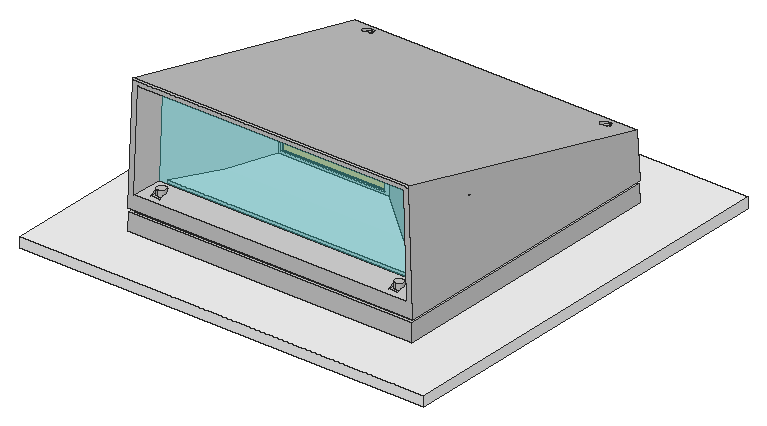
Revit family "BE_24219_de_DE", category Leuchten, Revit 2015
Parameters (values of type "BEGA_24219_Silber_K4")
  built-in parameter 1150104 = 16.62 (stored number, unit not read)
  Wattage = 14.9 W
  Default Elevation = 0 mm
  built-in parameter 1150113 = 1 (stored number, unit not read)
  built-in parameter 1114218 = 1 (stored number, unit not read)
  Umgebungstemperatur = "25 °C"
  URL = "http://www.bega.de/produkt/24219"
  Typenkommentare = "© 2017 BEGA. Wir behalten uns das Recht vor, technische Änderungen ohne vorherige Ankündigung vorzunehmen."  # constant formula
  Type Image = 24219.png
  built-in parameter 1150134 = 12
  built-in parameter 1150109 = 1 (stored number, unit not read)
  Strom = ""
  built-in parameter 1150110 = 1 (stored number, unit not read)
  Spannung = 239.996 V
  Sonderanfertigung = no
  Seriennummer [instance] = "Hier können Sie die eindeutige Seriennummer für das Facility Management eintragen."
  Schutzklasse = "I"
  Schutzart = "IP 65"
  Scheinlast = 0 VA
  Produktdatenblatt = "http://www.bega.de/download/Xrfa/db/24219.db.de.pdf"
  Oberflächentemperatur = ""
  Neigungswinkel = 0.00°
  Modell = "24219AK4"
  Material_18 = BEGA_Gummi_schwarz
  Material_17 = BEGA_Reflektor
  Material_15 = BEGA_Leuchtmedium_matt
  Material_11 = BEGA_Glas_opal
  Material_09 = BEGA_Glas_klar
  Material_06 = BEGA_Oberfläche_Edelstahl_gebürstet
  Material_03 = BEGA_Oberfläche_Weiss_matt
  Material_02 = BEGA_Oberfläche_Silber_matt
  Material_01 [instance] = BEGA_Oberfläche_Grafit_matt
  M_W = no
  M_G = no
  M_A = yes
  Logo = 0
  built-in parameter 1114217 = 1 (stored number, unit not read)
  built-in parameter 1150139 = (empty or 0)
  built-in parameter 1150105 = 212.12 (stored number, unit not read)
  built-in parameter 1150114 = 1 (stored number, unit not read)
  Lumens = 2665.61 lm
  built-in parameter 1150115 = 1 (stored number, unit not read)
  Leuchtenlichtstrom = "1793 lm"
  Leuchtenanzahl = ""
  Lebensdauerkriterien = "L70B50 @ 25 °C = 175000 h"
  Lastklassifizierung = Beleuchtung
  built-in parameter 1150112 = 1 (stored number, unit not read)
  Lampenlichtstrom = "2665 lm"
  Lampe = "LED 14.9 W"
  LED_Modulbezeichnung = "LED-0731/840"
  built-in parameter 1150142 = (empty or 0)
  Hersteller = "BEGA"  # constant formula
  Halbstreuwinkel = ""
  Gewicht = "3.7 kg"
  Gebrauchslageneinschränkung [instance] = ""
  Frequenz = "0/50-60 Hz"
  Farbwiedergabeindex = "Ra > 80"
  Farbtemperaturverschiebung bei Dämpfen der Lampe = <Keine Auswahl>
  Farbtemperatur = "4000 K"
  Color Filter = 16777215
  built-in parameter 1150133 = 10 (stored number, unit not read)
  Energieeffizienzklasse = "LED A++ - A"
  built-in parameter 1150137 = (empty or 0)
  built-in parameter 1150132 = (empty or 0)
  ENEC = ""
  Dimmbar [instance] = ""
  Datei für fotometrisches Netz = "BE_24219K4.IES"
  CE_Konformität = "ja"
  Bestellnummer = "24219AK4"
  Beschreibung_Sonderanfertigung = "Hier können Sie Informationen zur Sonderanfertigung eintragen."
  Beschreibung = "Wandleuchte"
  built-in parameter 1150106 = 2.1212 (stored number, unit not read)
  Befestigungsbohrung = "Ø 5 mm"
  Befestigungsabstand = "240 mm"
  Ballwurfsicher = ""
  BEGA_Intern_aus = yes
  BEGA_Intern_an = yes
  BEGA_Intern_Konstruktion = yes
  BEGA_Intern = yes
  BEGA_IES = yes
  BEGA_Dummy = no
  Anschlussleitung = ""
  Anschlussleistung [instance] = "17.4 W"
  Anschlusskasten = ""
  built-in parameter 1150107 = 4000 (stored number, unit not read)
  built-in parameter 1150102 = (empty or 0)
  built-in parameter 1150138 = (empty or 0)
  Aktualisierung = "2017-06-27T04:08:34"
  Abstand_zur_angestrahlten_Fläche [instance] = ""
  AC/DC = "AC/DC"
Types (4, lengths in mm): name | built-in parameter 1150104 | built-in parameter 1150134 | Modell | M_G | M_A | built-in parameter 1150105 | Lumens | Leuchtenlichtstrom | Lampenlichtstrom | LED_Modulbezeichnung | Farbtemperatur | Datei für fotometrisches Netz | Bestellnummer | built-in parameter 1150106 | built-in parameter 1150107
  BEGA_24219_Grafit_K4 | 16.62 (stored number, unit not read) | 12 | "24219K4" | yes | no | 212.12 (stored number, unit not read) | 2665.61 lm | "1793 lm" | "2665 lm" | "LED-0731/840" | "4000 K" | "BE_24219K4.IES" | "24219K4" | 2.1212 (stored number, unit not read) | 4000 (stored number, unit not read)
  BEGA_24219_Silber_K4 | 16.62 (stored number, unit not read) | 12 | "24219AK4" | no | yes | 212.12 (stored number, unit not read) | 2665.61 lm | "1793 lm" | "2665 lm" | "LED-0731/840" | "4000 K" | "BE_24219K4.IES" | "24219AK4" | 2.1212 (stored number, unit not read) | 4000 (stored number, unit not read)
  BEGA_24219_Silber_K3 | 15.803 (stored number, unit not read) | (empty or 0) | "24219A" | no | yes | 201.69 (stored number, unit not read) | 2534.49 lm | "1706 lm" | "2535 lm" | "LED-0731/830" | "3000 K" | "BE_24219.IES" | "24219A" | 2.0169 (stored number, unit not read) | 3000 (stored number, unit not read)
  BEGA_24219_Grafit_K3 | 15.803 (stored number, unit not read) | (empty or 0) | "24219" | yes | no | 201.69 (stored number, unit not read) | 2534.49 lm | "1706 lm" | "2535 lm" | "LED-0731/830" | "3000 K" | "BE_24219.IES" | "24219" | 2.0169 (stored number, unit not read) | 3000 (stored number, unit not read)
Reference planes
  plane 1 "Mitte (Vorne/Hinten)": y = 0
  plane 2: z = 0
  plane 3 "Mitte (Links/Rechts)": x = 0
  plane 4 "Links": x = -140.69
  plane 5 "Rechts": x = 140.69
  plane 6 "Unten": y = -140.69
  plane 7 "Oben": y = 140.69
  plane 8 "Vorne": z = 136.287
  plane 9 "Hinten": z = 0
Forms (mm)
  Extrusion 1, solid, material "BEGA_Platte_Weiss"
    sketch origin (0, -1119.2, 0) x (1, 0, 0) y (0, 1, 0)
      loop
        line (-200, 1319.2) -> (-200, 919.2) -> (200, 919.2) -> (200, 1319.2) -> (-200, 1319.2)
    from 0 to -10
  Extrusion 2, solid, material "BEGA_Dummy_matt", visible <- "BEGA_Dummy"
    sketch origin (80.095, -76.023, 0) x (1, 0, 0) y (0, 1, 0)
      loop
        line (-220.785, 216.713) -> (-220.785, -64.667) -> (60.594, -64.667) -> (60.594, 216.713) -> (-220.785, 216.713)
    from 0 to 136.287
Dimensions and locks
  plane 1 "Mitte (Vorne/Hinten)" to Extrusion 1 = 200 mm
  aligned and locked: plane 2 to Extrusion 1
  aligned and locked: level to Extrusion 1
Nested families
  nested 1: "BE_24219" at (0, 0, 0) x (0, 1, 0) z (0, 0, 1), type "BE_24219"
Connectors
  electrical at (0, 0, 0), driven by "Lastklassifizierung", driven by "Spannung", driven by "Scheinlast"
    settings: index 1, voltage 239.996 V, apparent load 0 VA, apparent load phase1 0 VA, apparent load phase2 0 VA, apparent load phase3 0 VA, power factor 1, load classification "Beleuchtung", number of poles 1, system type 31, power factor state 1, is connector primary yes, connector utility no, sub classification motor no, connector description ""
Definition of nested family "BE_24219"
  Parameters (values of type "BE_24219")
    Default Elevation = 1 mm
    URL = "http://www.bega.de/de/produkt"
    Type Comments = "© 2015 BEGA. Wir behalten uns das Recht vor, technische Änderungen ohne vorherige Ankündigung vorzunehmen. "  # constant formula
    Type Image = (empty or 0)
    Material_18 = none
    Material_17 = none
    Material_15 = none
    Material_11 = none
    Material_09 = none
    Material_06 = none
    Material_03 = none
    Material_02 = none
    Material_01 = none
    M_W = yes
    M_G = yes
    M_A = yes
    Länge_Platte = 400 mm  # constant formula
    Höhe_Platte = -10 mm  # constant formula
    Manufacturer = "BEGA"  # constant formula
    Breite_Platte = 400 mm  # constant formula
  Reference planes
    plane 1 "Mitte (Oben/Unten)": y = 0
    plane 2: z = 0
    plane 3 "Mitte (Links/Rechts)": x = 0
    plane 4: x = -140.69
    plane 5: z = 136.287
    plane 6: x = 140.69
    plane 7: y = 140.69
    plane 8: y = -140.69
  Forms (mm)
    Extrusion 1, solid, detail levels medium
      sketch origin (0, 0, 0) x (1, 0, 0) y (0, 1, 0)
        loop
          line (-200, 200) -> (-200, -200) -> (200, -200) -> (200, 200) -> (-200, 200)
      from 0 to -10 <- "Höhe_Platte"
    Extrusion 2, solid, material <- "Material_01", visible <- "M_G", detail levels medium+fine
      sketch origin (0, 0, 0) x (1, 0, 0) y (0, 0, 1)
        loop
          line (-140, 20.076) -> (140, 20.076) -> (138.429, 65.076) -> (-138.751, 136.255)
          arc (-138.751, 136.255) -> (-139.613, 136.077) -> (-140, 135.287) r 1
          line (-140, 135.287) -> (-140, 20.076)
      from -140.75 to 140.75
    Sweep 3, solid, material <- "Material_01", visible <- "M_G", detail levels medium+fine
      path origin (0, 0, 0) x (1, 0, 0) y (0, 1, 0)
        loop
          line (140.69, -140.69) -> (140.69, 140.69) -> (-140.69, 140.69) -> (-140.69, -140.69) -> (140.69, -140.69)
      profile origin (140.69, 0, 0) x (-1, 0, 0) y (0, 0, 1)
        loop
          line (0, 0) -> (2.417, 0) -> (3.187, 11) -> (51.69, 11) -> (51.69, 13.8) -> (17.671, 13.8) -> (17.354, 22.894) -> (4.246, 22.894) -> (4.034, 16.8) -> (0.587, 16.8) -> (0, 0)
    Extrusion 4, void
      sketch origin (0, 0, 0) x (1, 0, 0) y (0, 1, 0)
        loop
          circle (30, 120) r 8.5
        loop
          circle (55.5, 120) r 8.5
        loop
          circle (0, 120) r 5
        loop
          circle (0, -120) r 5
      from 0 to 22.894
    Extrusion 5, void
      sketch origin (0, 0, 0) x (0, 1, 0) y (0, 0, 1)
        loop
          line (-141.388, 1.819) -> (-136.388, 145) -> (-141.388, 145) -> (-141.388, 1.819)
        loop
          line (141.388, 1.819) -> (141.388, 145) -> (136.388, 145) -> (141.388, 1.819)
      from -143.18 to 143.793
    Blend 6, void
      base sketch origin (0, 0, 0) x (0, 1, 0) y (0, 0, 1)
        loop
          line (123.277, 119.287) -> (-123.277, 119.287) -> (-126.001, 41.287) -> (126.001, 41.287) -> (123.277, 119.287)
      top sketch origin (0, 0, 0) x (0, 1, 0) y (0, 0, 1)
        loop
          line (131.828, 132.287) -> (-131.828, 132.287) -> (-135.286, 33.287) -> (135.286, 33.287) -> (131.828, 132.287)
      from -118.675 to -141.282
    Extrusion 7, void
      sketch origin (0, 0, 0) x (1, 0, 0) y (0, 0, 1)
        loop
          line (-120.033, 128.867) -> (-120.033, 16.8) -> (122.367, 16.8) -> (122.367, 66.62) -> (-120.033, 128.867)
      from -135.688 to 135.892
    Extrusion 8, solid, material <- "Material_01", visible <- "M_G", detail levels medium+fine
      sketch origin (0, 0, 0) x (1, 0, 0) y (0, 0, 1)
        loop
          line (-89, 13.8) -> (-89, 11) -> (89, 11) -> (89, 13.8) -> (-89, 13.8)
      from -89 to 89
    Extrusion 9, solid, material <- "Material_09", detail levels medium+fine
      sketch origin (0, 0, 0) x (1, 0, 0) y (0, 0, 1)
        loop
          line (-119.919, 36.9) -> (-115.445, 36.9) -> (-115.445, 126.9) -> (-119.919, 126.9) -> (-119.919, 36.9)
      from -128.291 to 128.295
    Extrusion 10, solid
      sketch origin (0, 0, 0) x (1, 0, 0) y (0, 0, 1)
        loop
          line (-113.048, 123.792) -> (-113.101, 120.792)
          arc (-113.101, 120.792) -> (-86.766, 109.661) -> (-62.554, 94.456) r 177.895
          line (-62.554, 94.456) -> (-62.554, 65.609)
          arc (-62.554, 65.609) -> (-86.766, 50.403) -> (-113.101, 39.273) r 177.895
          line (-113.101, 39.273) -> (-113.048, 36.273) -> (-112.229, 36.273) -> (-112.229, 38.704)
          arc (-112.229, 38.704) -> (-85.935, 49.901) -> (-61.772, 65.164) r 177.895
          line (-61.772, 65.164) -> (-61.772, 94.901)
          arc (-61.772, 94.901) -> (-85.935, 110.164) -> (-112.229, 121.36) r 177.895
          line (-112.229, 121.36) -> (-112.229, 123.792) -> (-113.048, 123.792)
      from -135.688 to 135.892
    Extrusion 11, solid
      sketch origin (0, 0, 0) x (1, 0, 0) y (0, 1, 0)
        loop
          line (-60.25, -51.437) -> (-117.777, -130.437) -> (-117.154, -131.06) -> (-60.25, -52.915) -> (-60.25, -51.437)
        loop
          line (-60.25, 51.437) -> (-60.25, 52.915) -> (-117.154, 131.06) -> (-117.777, 130.437) -> (-60.25, 51.437)
      from 33.741 to 122.182
    Extrusion 12, void
      sketch origin (0, 0, 0) x (1, 0, 0) y (0, 0, 1)
        loop
          line (-110.905, 123.699) -> (-59.697, 96.471) -> (-59.697, 123.699) -> (-110.905, 123.699)
      from -104.078 to 106.602
    Extrusion 13, void
      sketch origin (0, 0, 0) x (1, 0, 0) y (0, 1, 0)
        loop
          line (-56.776, 51.437) -> (-65.494, 51.437) -> (-65.494, -51.437) -> (-56.776, -51.437) -> (-56.776, 51.437)
      from 68.287 to 91.919
    Extrusion 14, solid, material <- "Material_15", detail levels medium+fine
      sketch origin (0, 0, 0) x (1, 0, 0) y (0, 1, 0)
        loop
          line (-61.568, -50.102) -> (-60.485, -50.102) -> (-60.485, 50) -> (-61.568, 50) -> (-61.568, -50.102)
      from 69.509 to 90.812
    Extrusion 15, void
      sketch origin (0, 0, 0) x (1, 0, 0) y (0, 1, 0)
        loop
          arc (-127.853, 112.851) -> (-123.204, 117.5) -> (-127.853, 122.149) r 4.649
          line (-127.853, 122.149) -> (-141.936, 122.149) -> (-141.936, 112.851) -> (-127.853, 112.851)
        loop
          line (-127.853, -112.851) -> (-141.936, -112.851) -> (-141.936, -122.149) -> (-127.853, -122.149)
          arc (-127.853, -122.149) -> (-123.204, -117.5) -> (-127.853, -112.851) r 4.649
      from 35.372 to 44.744
    Extrusion 16, solid, material <- "Material_06", detail levels fine
      sketch origin (0, 0, 0) x (1, 0, 0) y (0, 1, 0)
        loop
          circle (-127.831, -117.5) r 4.25
        loop
          circle (-127.831, 117.5) r 4.25
      from 35.372 to 40.369
    Revolve 17, void
      sketch origin (0, 117.5, 0) x (1, 0, 0) y (0, 0, 1)
        loop
          line (122.883, 69.651) -> (123.2, 60.576) -> (127.8, 60.576) -> (127.8, 68.388) -> (122.883, 69.651)
        axis (127.8, 69.651) -> (127.8, 60.576)
      angle from 0 to 360
    Revolve 18, void
      sketch origin (0, -117.5, 0) x (1, 0, 0) y (0, 0, -1)
        loop
          line (122.883, -69.651) -> (127.8, -68.388) -> (127.8, -60.576) -> (123.2, -60.576) -> (122.883, -69.651)
        axis (127.8, -69.651) -> (127.8, -60.576)
      angle from 0 to 360
    Extrusion 19, solid, material <- "Material_06", detail levels fine
      sketch origin (0, 0, 0) x (1, 0, 0) y (0, 1, 0)
        loop
          circle (127.8, 117.5) r 4.25
        loop
          circle (127.8, -117.5) r 4.25
      from 60.576 to 65.576
    Sweep 20, solid, material <- "Material_02", visible <- "M_A", detail levels medium+fine
      path origin (0, 0, 0) x (1, 0, 0) y (0, 1, 0)
        loop
          line (140.69, -140.69) -> (140.69, 140.69) -> (-140.69, 140.69) -> (-140.69, -140.69) -> (140.69, -140.69)
      profile origin (140.69, 0, 0) x (-1, 0, 0) y (0, 0, 1)
        loop
          line (0, 0) -> (2.417, 0) -> (3.187, 11) -> (51.69, 11) -> (51.69, 13.8) -> (17.671, 13.8) -> (17.354, 22.894) -> (4.246, 22.894) -> (4.034, 16.8) -> (0.587, 16.8) -> (0, 0)
    Extrusion 21, solid, material <- "Material_02", visible <- "M_A", detail levels medium+fine
      sketch origin (0, 0, 0) x (1, 0, 0) y (0, 0, 1)
        loop
          line (-89, 13.8) -> (-89, 11) -> (89, 11) -> (89, 13.8) -> (-89, 13.8)
      from -89 to 89
    Extrusion 22, solid, material <- "Material_02", visible <- "M_A", detail levels medium+fine
      sketch origin (0, 0, 0) x (1, 0, 0) y (0, 0, 1)
        loop
          line (-140, 20.076) -> (140, 20.076) -> (138.429, 65.076) -> (-138.751, 136.255)
          arc (-138.751, 136.255) -> (-139.613, 136.077) -> (-140, 135.287) r 1
          line (-140, 135.287) -> (-140, 20.076)
      from -140.75 to 140.75
  Cuts and joins
    Extrusion 4, Extrusion 5, Blend 6, Extrusion 7, Extrusion 13, Extrusion 15, Revolve 17, Revolve 18 cuts Extrusion 2
    Extrusion 4, Extrusion 7, Extrusion 13, Extrusion 15 cuts Sweep 3
    Extrusion 13, Extrusion 15 cuts Extrusion 8
    joined: Sweep 3, Extrusion 8
    Extrusion 12, Extrusion 13 cuts Extrusion 10
    Extrusion 12, Extrusion 13 cuts Extrusion 11
    joined: Extrusion 10, Extrusion 11
    Extrusion 4 cuts Sweep 20
    Extrusion 4 cuts Extrusion 21
    joined: Sweep 20, Extrusion 21
    Extrusion 5, Blend 6, Extrusion 7, Extrusion 15, Revolve 17, Revolve 18 cuts Extrusion 22
  Dimensions and locks
    equal spacing: Extrusion 1 sketch curve, plane 3 "Mitte (Links/Rechts)", Extrusion 1 sketch curve
    equal spacing: Extrusion 1 sketch curve, plane 1 "Mitte (Oben/Unten)", Extrusion 1 sketch curve
    "Länge_Platte": Extrusion 1 sketch curve to Extrusion 1 sketch curve
    "Breite_Platte": Extrusion 1 sketch curve to Extrusion 1 sketch curve
    aligned and locked: Extrusion 1 to plane 2
    aligned and locked: level to Extrusion 1
  Automatic sketch dimensions
    level to Extrusion 2 sketch curve = 20.076 mm
    Extrusion 2 sketch curve to plane 3 "Mitte (Links/Rechts)" = 140 mm
    Extrusion 2 sketch curve to Extrusion 2 sketch curve = 1 mm
    level to Extrusion 2 sketch curve = 65.076 mm
    plane 3 "Mitte (Links/Rechts)" to Extrusion 2 sketch curve = 138.429 mm
    Extrusion 2 sketch curve to Extrusion 2 sketch curve = 1.571 mm
    Extrusion 2 sketch curve to Extrusion 2 sketch curve = 115.211 mm
    Extrusion 2 sketch curve to Extrusion 2 sketch curve = 0.249 mm
    Extrusion 2 sketch curve to Extrusion 2 sketch curve = 0 mm  (x2)
    Sweep 3 sketch curve to plane 3 "Mitte (Links/Rechts)" = 140.69 mm
    plane 3 "Mitte (Links/Rechts)" to Sweep 3 sketch curve = 140.69 mm
    plane 1 "Mitte (Oben/Unten)" to Sweep 3 sketch curve = 140.69 mm
    Sweep 3 sketch curve to plane 1 "Mitte (Oben/Unten)" = 140.69 mm
    Sweep 3 sketch curve to level = 0 mm
    Sweep 3 sketch curve to profile plane = 0 mm
    Sweep 3 sketch curve to profile plane = 0.587 mm
    Sweep 3 sketch curve to profile plane = 2.417 mm
    Sweep 3 sketch curve to profile plane = 3.187 mm
    Sweep 3 sketch curve to Sweep 3 sketch curve = 3.447 mm
    Sweep 3 sketch curve to profile plane = 4.246 mm
    Sweep 3 sketch curve to Sweep 3 sketch curve = 13.107 mm
    Sweep 3 sketch curve to Sweep 3 sketch curve = 0.317 mm
    level to Sweep 3 sketch curve = 11 mm
    Sweep 3 sketch curve to Sweep 3 sketch curve = 34.019 mm
    Sweep 3 sketch curve to Sweep 3 sketch curve = 2.8 mm
    Sweep 3 sketch curve to Sweep 3 sketch curve = 5.8 mm
    Sweep 3 sketch curve to Sweep 3 sketch curve = 6.094 mm
    Extrusion 4 sketch curve to plane 3 "Mitte (Links/Rechts)" = 0 mm  (x2)
    Extrusion 4 sketch curve to Extrusion 4 sketch curve = 30 mm
    Extrusion 4 sketch curve to Extrusion 4 sketch curve = 25.5 mm
    plane 1 "Mitte (Oben/Unten)" to Extrusion 4 sketch curve = 120 mm
    Extrusion 4 sketch curve to plane 1 "Mitte (Oben/Unten)" = 120 mm
    Extrusion 4 sketch curve to Extrusion 4 sketch curve = 0 mm  (x2)
    level to Extrusion 5 sketch curve = 1.819 mm  (x2)
    plane 1 "Mitte (Oben/Unten)" to Extrusion 5 sketch curve = 141.388 mm
    Extrusion 5 sketch curve to Extrusion 5 sketch curve = 5 mm
    Extrusion 5 sketch curve to plane 1 "Mitte (Oben/Unten)" = 136.388 mm
    Extrusion 5 sketch curve to plane 1 "Mitte (Oben/Unten)" = 141.388 mm
    Extrusion 5 sketch curve to Extrusion 5 sketch curve = 143.181 mm  (x2)
    level to Blend 6 sketch curve = 41.287 mm
    plane 1 "Mitte (Oben/Unten)" to Blend 6 sketch curve = 126.001 mm
    Blend 6 sketch curve to Blend 6 sketch curve = 2.724 mm  (x2)
    Blend 6 sketch curve to plane 1 "Mitte (Oben/Unten)" = 123.277 mm
    Blend 6 sketch curve to Blend 6 sketch curve = 78 mm
    level to Blend 6 sketch curve = 33.287 mm
    plane 1 "Mitte (Oben/Unten)" to Blend 6 sketch curve = 135.286 mm
    Blend 6 sketch curve to Blend 6 sketch curve = 3.457 mm  (x2)
    Blend 6 sketch curve to plane 1 "Mitte (Oben/Unten)" = 131.828 mm
    Blend 6 sketch curve to Blend 6 sketch curve = 99 mm
    level to Extrusion 7 sketch curve = 16.8 mm
    Extrusion 7 sketch curve to plane 3 "Mitte (Links/Rechts)" = 120.033 mm
    plane 3 "Mitte (Links/Rechts)" to Extrusion 7 sketch curve = 122.367 mm
    Extrusion 7 sketch curve to Extrusion 7 sketch curve = 49.82 mm
    Extrusion 7 sketch curve to Extrusion 7 sketch curve = 112.067 mm
    level to Extrusion 8 sketch curve = 11 mm
    Extrusion 8 sketch curve to plane 3 "Mitte (Links/Rechts)" = 89 mm
    plane 3 "Mitte (Links/Rechts)" to Extrusion 8 sketch curve = 89 mm
    Extrusion 8 sketch curve to Extrusion 8 sketch curve = 2.8 mm
    Extrusion 9 sketch curve to plane 3 "Mitte (Links/Rechts)" = 119.919 mm
    Extrusion 9 sketch curve to Extrusion 9 sketch curve = 4.474 mm
    level to Extrusion 9 sketch curve = 36.9 mm
    Extrusion 9 sketch curve to Extrusion 9 sketch curve = 90 mm
    Extrusion 10 sketch curve to plane 3 "Mitte (Links/Rechts)" = 168.967 mm  (x2)
    Extrusion 10 sketch curve to level = 48.103 mm
    Extrusion 10 sketch curve to Extrusion 10 sketch curve = 0.416 mm  (x2)
    Extrusion 10 sketch curve to Extrusion 10 sketch curve = 55.45 mm
    level to Extrusion 10 sketch curve = 39.273 mm
    Extrusion 10 sketch curve to Extrusion 10 sketch curve = 0 mm
    Extrusion 10 sketch curve to Extrusion 10 sketch curve = 0.052 mm  (x2)
    level to Extrusion 10 sketch curve = 36.273 mm
    Extrusion 10 sketch curve to Extrusion 10 sketch curve = 0.819 mm
    Extrusion 10 sketch curve to Extrusion 10 sketch curve = 0.871 mm
    Extrusion 10 sketch curve to Extrusion 10 sketch curve = 49.675 mm
    Extrusion 10 sketch curve to Extrusion 10 sketch curve = 0.782 mm
    Extrusion 10 sketch curve to Extrusion 10 sketch curve = 0.72 mm
    Extrusion 10 sketch curve to Extrusion 10 sketch curve = 0.569 mm
    Extrusion 10 sketch curve to Extrusion 10 sketch curve = 26.459 mm
    Extrusion 10 sketch curve to Extrusion 10 sketch curve = 0.446 mm  (x2)
    Extrusion 10 sketch curve to Extrusion 10 sketch curve = 28.847 mm
    Extrusion 10 sketch curve to Extrusion 10 sketch curve = 2.431 mm
    Extrusion 11 sketch curve to plane 3 "Mitte (Links/Rechts)" = 117.777 mm  (x2)
    Extrusion 11 sketch curve to Extrusion 11 sketch curve = 0.623 mm  (x4)
    Extrusion 11 sketch curve to plane 3 "Mitte (Links/Rechts)" = 60.25 mm  (x2)
    plane 1 "Mitte (Oben/Unten)" to Extrusion 11 sketch curve = 131.06 mm
    plane 1 "Mitte (Oben/Unten)" to Extrusion 11 sketch curve = 52.915 mm
    Extrusion 11 sketch curve to Extrusion 11 sketch curve = 1.479 mm  (x2)
    Extrusion 11 sketch curve to plane 1 "Mitte (Oben/Unten)" = 51.437 mm
    Extrusion 11 sketch curve to Extrusion 11 sketch curve = 77.521 mm
    Extrusion 12 sketch curve to plane 3 "Mitte (Links/Rechts)" = 110.905 mm
    Extrusion 12 sketch curve to Extrusion 12 sketch curve = 51.208 mm
    level to Extrusion 12 sketch curve = 96.471 mm
    Extrusion 12 sketch curve to Extrusion 12 sketch curve = 27.228 mm
    Extrusion 13 sketch curve to plane 3 "Mitte (Links/Rechts)" = 65.494 mm
    Extrusion 13 sketch curve to Extrusion 13 sketch curve = 8.718 mm
    plane 1 "Mitte (Oben/Unten)" to Extrusion 13 sketch curve = 51.437 mm
    Extrusion 13 sketch curve to plane 1 "Mitte (Oben/Unten)" = 51.437 mm
    Extrusion 14 sketch curve to plane 3 "Mitte (Links/Rechts)" = 61.568 mm
    Extrusion 14 sketch curve to Extrusion 14 sketch curve = 1.083 mm
    plane 1 "Mitte (Oben/Unten)" to Extrusion 14 sketch curve = 50.102 mm
    Extrusion 14 sketch curve to plane 1 "Mitte (Oben/Unten)" = 50 mm
    Extrusion 15 sketch curve to plane 3 "Mitte (Links/Rechts)" = 141.936 mm  (x2)
    Extrusion 15 sketch curve to Extrusion 15 sketch curve = 14.083 mm  (x2)
    plane 1 "Mitte (Oben/Unten)" to Extrusion 15 sketch curve = 122.149 mm
    Extrusion 15 sketch curve to Extrusion 15 sketch curve = 4.649 mm  (x2)
    Extrusion 15 sketch curve to plane 1 "Mitte (Oben/Unten)" = 112.851 mm
    Extrusion 15 sketch curve to Extrusion 15 sketch curve = 0 mm
    Extrusion 16 sketch curve to plane 3 "Mitte (Links/Rechts)" = 127.831 mm  (x2)
    plane 1 "Mitte (Oben/Unten)" to Extrusion 16 sketch curve = 117.5 mm
    Extrusion 16 sketch curve to plane 1 "Mitte (Oben/Unten)" = 117.5 mm
    plane 3 "Mitte (Links/Rechts)" to Revolve 17 sketch curve = 122.883 mm
    level to Revolve 17 sketch curve = 60.576 mm
    Revolve 17 sketch curve to Revolve 17 sketch curve = 0.317 mm
    Revolve 17 sketch curve to Revolve 17 sketch curve = 4.917 mm
    Revolve 17 sketch curve to Revolve 17 sketch curve = 7.812 mm
    Revolve 17 sketch curve to Revolve 17 sketch curve = 1.263 mm
    Revolve 17 sketch curve to Revolve 17 sketch curve = 0 mm  (x3)
    plane 3 "Mitte (Links/Rechts)" to Revolve 18 sketch curve = 122.883 mm
    level to Revolve 18 sketch curve = 60.576 mm
    Revolve 18 sketch curve to Revolve 18 sketch curve = 0.317 mm
    Revolve 18 sketch curve to Revolve 18 sketch curve = 4.917 mm
    Revolve 18 sketch curve to Revolve 18 sketch curve = 7.812 mm
    Revolve 18 sketch curve to Revolve 18 sketch curve = 1.263 mm
    Revolve 18 sketch curve to Revolve 18 sketch curve = 0 mm  (x3)
    plane 3 "Mitte (Links/Rechts)" to Extrusion 19 sketch curve = 127.8 mm  (x2)
    plane 1 "Mitte (Oben/Unten)" to Extrusion 19 sketch curve = 117.5 mm
    Extrusion 19 sketch curve to plane 1 "Mitte (Oben/Unten)" = 117.5 mm
    Sweep 20 sketch curve to plane 3 "Mitte (Links/Rechts)" = 140.69 mm
    plane 3 "Mitte (Links/Rechts)" to Sweep 20 sketch curve = 140.69 mm
    plane 1 "Mitte (Oben/Unten)" to Sweep 20 sketch curve = 140.69 mm
    Sweep 20 sketch curve to plane 1 "Mitte (Oben/Unten)" = 140.69 mm
    Sweep 20 sketch curve to level = 0 mm
    Sweep 20 sketch curve to profile plane = 0 mm
    Sweep 20 sketch curve to profile plane = 0.587 mm
    Sweep 20 sketch curve to profile plane = 2.417 mm
    Sweep 20 sketch curve to profile plane = 3.187 mm
    Sweep 20 sketch curve to Sweep 20 sketch curve = 3.447 mm
    Sweep 20 sketch curve to profile plane = 4.246 mm
    Sweep 20 sketch curve to Sweep 20 sketch curve = 13.107 mm
    Sweep 20 sketch curve to Sweep 20 sketch curve = 0.317 mm
    level to Sweep 20 sketch curve = 11 mm
    Sweep 20 sketch curve to Sweep 20 sketch curve = 34.019 mm
    Sweep 20 sketch curve to Sweep 20 sketch curve = 2.8 mm
    Sweep 20 sketch curve to Sweep 20 sketch curve = 5.8 mm
    Sweep 20 sketch curve to Sweep 20 sketch curve = 6.094 mm
    level to Extrusion 21 sketch curve = 11 mm
    Extrusion 21 sketch curve to plane 3 "Mitte (Links/Rechts)" = 89 mm
    plane 3 "Mitte (Links/Rechts)" to Extrusion 21 sketch curve = 89 mm
    Extrusion 21 sketch curve to Extrusion 21 sketch curve = 2.8 mm
    level to Extrusion 22 sketch curve = 20.076 mm
    Extrusion 22 sketch curve to plane 3 "Mitte (Links/Rechts)" = 140 mm
    Extrusion 22 sketch curve to Extrusion 22 sketch curve = 1 mm
    level to Extrusion 22 sketch curve = 65.076 mm
    plane 3 "Mitte (Links/Rechts)" to Extrusion 22 sketch curve = 138.429 mm
    Extrusion 22 sketch curve to Extrusion 22 sketch curve = 1.571 mm
    Extrusion 22 sketch curve to Extrusion 22 sketch curve = 115.211 mm
    Extrusion 22 sketch curve to Extrusion 22 sketch curve = 0.249 mm
    Extrusion 22 sketch curve to Extrusion 22 sketch curve = 0 mm  (x2)
    radius of Extrusion 4 sketch curve = 8.5 mm  (x2)
    radius of Extrusion 4 sketch curve = 5 mm  (x2)
    radius of Extrusion 16 sketch curve = 4.25 mm  (x2)
    radius of Extrusion 19 sketch curve = 4.25 mm  (x2)
